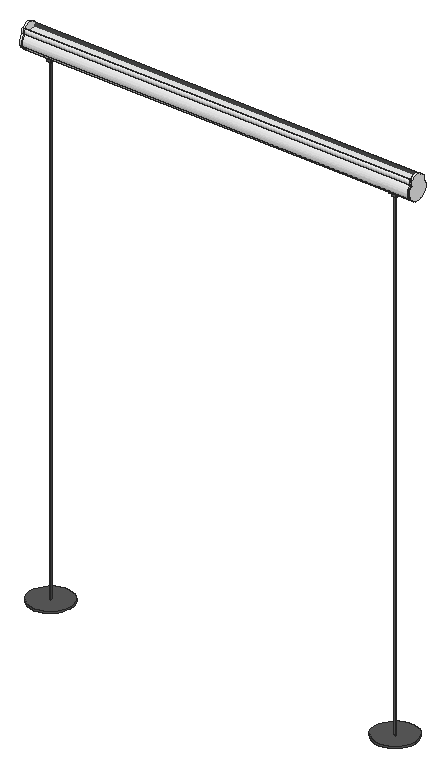
Revit family "676767", category Lighting Fixtures, host Face, Revit 2019
Family settings
  Host = Face
  Round Connector Dimension = Use Diameter
  Part Type = Normal
  OmniClass Number = 23.80.70.11
  OmniClass Title = Luminaries for Internal Lighting
  Cut with Voids When Loaded = No
  Light Source = Yes
  Shared = No
  Room Calculation Point = No
Parameters (values of type "Not a type - Load Type Catalog!")
  z_Start = Run : Start Fixture
  z_Standalone = Run : Standalone Fixture
  z_SM = Surface Mount : Surface Mount (SM)
  z_Right Cord [instance] = 2 > 1  # yes
  z_Middle = Run : Middle Fixture
  z_Mep Y Distance [instance] = if(z_CeilingM, 0' 0", 0' 3")  # 0' - 0"
  z_Light Position [instance] = if(not(Mounting Option = z_SM), [z_Cord/Rod Length Control] + 0' 2 81/256" + 0' 0 155/256", if(Mounting Option = z_SM, 0' 2 113/256" + 0' 0 39/64", 0' 2 81/256"))  # 5' - 2 59/64"
  z_Left Cord [instance] = or(Run Option = z_Standalone, Run Option = z_Start)  # yes
  z_End Mount Offset Control [instance] = if(or(Run Option = z_Start, Run Option = z_Standalone), 0' 0", if(Mounting Option = z_SM, 0' 0", if(End Mount Offset > Length / 2 - 0' 3", Length / 2 - 0' 3", End Mount Offset)))  # 0' - 0"
  z_End = Run : End Fixture
  z_Distance = 0' - 2 25/32"
  z_Cord/Rod Length Control [instance] = if(Mounting Option = z_SM, 0' 0 33/256", if(not(Field Specified Cable Length Override), [Max Cord/Rod Length], if([Cord/Rod Length] > [Max Cord/Rod Length], [Max Cord/Rod Length], if([Cord/Rod Length] < [Min Cord/Rod Length], [Min Cord/Rod Length], [Cord/Rod Length]))))  # 5' - 0"
  z_Connector Position [instance] = if(or(Run Option = z_Standalone, Run Option = z_Start), 0' 2 25/32", Length - 0' 2 25/32" - z_End Mount Offset Control)  # 0' - 2 25/32"
  z_Ceiling_SM [instance] = Mounting Option = z_SM  # no
  z_Ceiling_PM [instance] = not(Mounting Option = z_SM)  # yes
  z_CeilingM [instance] = yes
  z_Array No 01 [instance] = if(or(Run Option = z_Standalone, Run Option = z_Start, and([Emergency Circuit - End Fixture], Run Option = z_End)), 3, 2)  # 3
  z_AL10 = Aircraft Cable : with Loops 10' (AL10)
  z_AC10 = Aircraft Cable : with Canopy 10' (AC10)
  z_AC05 = Aircraft Cable : with Canopy 5' (AC05)
  Width = 0' - 2 1/2"  # constant formula
  Weight = if(Length = 8' 0", 14.00 lbf, if(Length = 4' 0", 8.00 lbf, 0.00 lbf))  # 8.00 lbf
  Wattage Comments = "Efficacy up to 145 lm/W"
  Wattage = 21.7391 W
  Voltage Range = "120-277V"
  built-in parameter 1150110 = 1 (stored number, unit not read)
  Voltage = 120 V
  URL = "https://starteklightingamerica.com/starlink/"
  Type Comments = "Linear Lighting Fixture"  # constant formula
  built-in parameter 1114217 = 1 (stored number, unit not read)
  Tilt Angle [instance] = 90.00°  # constant formula
  built-in parameter 1150109 = 1 (stored number, unit not read)
  built-in parameter 1150134 = (empty or 0)
  built-in parameter 1150113 = 1 (stored number, unit not read)
  Run Option [instance] = Run : Standalone Fixture
  Product data url = "https://www.bimobject.com/startek-lighting/product/starlink"
  Product Material [instance] = StarTek Lighting - Aluminum - Clear Anodized
  Product Guid = "349c8d54-e936-4ccc-8137-b093f57f5df9"
  Power Factor = 0.93
  Photometric Web File = "Generic Light Source Shown : Please download and link the IES file that best matches your fixture specification"
  Photometric Note = "Import IES files https://starteklightingamerica.com/"  # constant formula
  Phase = 1
  Output = ""
  Number of Poles = 3
  Mounting Option [instance] = Aircraft Cable : with Canopy 5' (AC05)
  Mount Finish Note [instance] = "Aircraft Cable mount can be ordered in white (ACW, ALW) or black (ACB, ALB)"  # constant formula
  Mount Finish [instance] = StarTek Lighting - Aluminum - Powder Coat Black
  Model = ""
  Min Cord/Rod Length [instance] = 0' - 1"  # constant formula
  Max Cord/Rod Length [instance] = if(Mounting Option = z_AC05, 5' 0", 10' 0")  # 5' - 0"
  Manufacturer = "StarTek Lighting"  # constant formula
  built-in parameter 1150105 = 238.73 (stored number, unit not read)
  Lumens = 3000 lm
  built-in parameter 1150115 = 1 (stored number, unit not read)
  built-in parameter 1150137 = (empty or 0)
  built-in parameter 1150139 = (empty or 0)
  Length = 4' - 0"
  built-in parameter 1150112 = 1 (stored number, unit not read)
  built-in parameter 1150114 = 1 (stored number, unit not read)
  Lamp = "LED"  # constant formula
  Keynote = "16500"  # constant formula
  Input Wattage = 0 W
  built-in parameter 1150132 = 2
  built-in parameter 1150102 = (empty or 0)
  built-in parameter 1150107 = 3000 (stored number, unit not read)
  built-in parameter 1150138 = (empty or 0)
  built-in parameter 1150106 = 2.3873 (stored number, unit not read)
  Height = 0' - 2 115/128"  # constant formula
  Frequency = 60 Hz
  Field Specified Cable Length Override [instance] = no
  End Mount Offset [instance] = 0' - 0"
  Emit from Rectangle Width [instance] = 0' - 2"  # constant formula
  Emit from Rectangle Length [instance] = Length - 0' 0 1/2"  # 3' - 11 1/2"
  Emit Shape Visible in Rendering = 2 < 1  # no
  Emergency Circuit - End Fixture [instance] = no
  Edition number = 1
  Distribution = ""
  Description = "StarLink"  # constant formula
  built-in parameter 1150104 = 12.821 (stored number, unit not read)
  Dimming Lamp Color Temperature Shift = <None>
  Default Elevation = 4' - 0"
  Cord/Rod Length [instance] = 5' - 0"
  Color Filter = 16777215
  Color [instance] = "Available options: Clear Anodize (CA), Black Anodize (BA), Powder Coat Other (PO)"  # constant formula
  CRI = "80"
  built-in parameter 1114218 = 1 (stored number, unit not read)
  built-in parameter 1150133 = 10 (stored number, unit not read)
  Assembly Code = "D5020200"
  Apparent Load = Input Wattage / (Number of Poles * Power Factor)  # 0 VA
Reference planes (in)
  plane 1 "Center (Front/Back)": y = 0
  plane 2: z = 0
  plane 3 "Center (Left/Right)": x = 0
  plane 4 "None": z = 60
  plane 5: x = -21.21875
  plane 6 "Light source": z = 62.92188
  plane 7 "Light Vertical": z = 60.49067
  plane 8 "Light Horizontal": y = 5.00837
  plane 9: z = 0.5
  plane 10: x = 21.21875
  plane 11: x = -21.75022
  plane 12: x = -20.68728
  plane 13: x = 20.68728
  plane 14: x = 21.75022
  plane 15: x = -22.2817
  plane 16: x = -20.1558
  plane 17: x = 20.1558
  plane 18: x = 22.2817
  plane 19: y = 0
  plane 20: x = -24
  plane 21: x = 24
  plane 22: x = 21.21875
  plane 23: x = -21.21875
Forms (in)
  Extrusion 1, solid, not visible
    sketch origin (0, 1.1511, -0.03147) x (1, 0, 0) y (0, 0, 1)
      loop
        line (-21.25022, 0.03147) -> (-21.25022, -0.03147) -> (-21.18728, -0.03147) -> (-21.18728, 0.03147) -> (-21.25022, 0.03147)
    from 1.1394 to 1.16281
  Extrusion 2, solid, material "StarTek Lighting - Aluminum - Clear Anodized" <- "Product Material", visible <- "z_Ceiling_SM"
    sketch origin (0, 0, 0) x (1, 0, 0) y (0, 1, 0)
      loop
        line (-22.2817, -0.75) -> (-21.37482, -0.75) -> (-21.37482, -1.5) -> (-21.06268, -1.5) -> (-21.06268, -0.75) -> (-20.1558, -0.75) -> (-20.1558, 0.75) -> (-21.06268, 0.75) -> (-21.06268, 1.5) -> (-21.37482, 1.5) -> (-21.37482, 0.75) -> (-22.2817, 0.75) -> (-22.2817, -0.75)
      loop
        line (20.1558, -0.75) -> (21.06268, -0.75) -> (21.06268, -1.5) -> (21.37482, -1.5) -> (21.37482, -0.75) -> (22.2817, -0.75) -> (22.2817, 0.75) -> (21.37482, 0.75) -> (21.37482, 1.5) -> (21.06268, 1.5) -> (21.06268, 0.75) -> (20.1558, 0.75) -> (20.1558, -0.75)
    from 0 to 0.125
Dimensions and locks (in)
  Extrusion 1 sketch curve to level to Extrusion 1 sketch curve = 0' - 0", 0' - 0.06295"
  "z_Light Position": plane 6 "Light source" to host face
  locked: plane 8 "Light Horizontal" to plane 1 "Center (Front/Back)" at 5.00837
  plane 11 to plane 5 to plane 12 = 0' - 0.53147" locked, 0' - 0.53147" locked
  plane 13 to plane 10 to plane 14 = 0' - 0.53147" locked, 0' - 0.53147" locked
  plane 15 to plane 5 to plane 16 = 0' - 1.06295" locked, 0' - 1.06295" locked
  plane 17 to plane 10 to plane 18 = 0' - 1.06295" locked, 0' - 1.06295" locked
  locked: plane 7 "Light Vertical" to plane 4 "None" at 0.49067
  "z_Mep Y Distance": plane 1 "Center (Front/Back)" to plane 19
  equal spacing: Extrusion 1, plane 19, Extrusion 1
  locked: Extrusion 1 to Extrusion 1 at 0.0234
  "z_Cord/Rod Length Control": plane 4 "None" to level
  Extrusion 1 to plane 19 to Extrusion 1 = 0' - 0 3/256" locked, 0' - 0 3/256" locked
  locked: plane 9 to level at 0.5
  equal spacing: plane 21, plane 3 "Center (Left/Right)", plane 20
  "Length": plane 21 to plane 20
  "z_Distance": plane 5 to plane 20
  "z_Distance": plane 10 to plane 21
  Extrusion 2 sketch curve to plane 5 to Extrusion 2 sketch curve = 0' - 0.15607" locked, 0' - 0.15607" locked  (x2)
  Extrusion 2 sketch curve to plane 1 "Center (Front/Back)" to Extrusion 2 sketch curve = 0' - 0 3/4" locked, 0' - 0 3/4" locked  (x3)
  Extrusion 2 sketch curve to plane 10 to Extrusion 2 sketch curve = 0' - 0.15607" locked, 0' - 0.15607" locked  (x2)
  Extrusion 2 sketch curve to Extrusion 2 sketch curve to plane 1 "Center (Front/Back)" to Extrusion 2 sketch curve to Extrusion 2 sketch curve = 0' - 0 3/4" locked, 0' - 0 3/4" locked, 0' - 0 3/4" locked, 0' - 0 3/4" locked
  "z_End Mount Offset Control": plane 22 to plane 10
  locked: nested 4 to plane 20 at 5
  "z_Connector Position": plane 20 to plane 23
  equal spacing: group 1, group 2, group 3  (x3)
  aligned and locked: plane 2 to host face
  aligned and locked: level to host face
  aligned and locked: imposter light to plane 6 "Light source"
  aligned and locked: plane 3 "Center (Left/Right)" to nested 3
  aligned and locked: plane 5 to nested 2
  aligned and locked: plane 15 to Extrusion 2 sketch curve
  aligned and locked: plane 16 to Extrusion 2 sketch curve
  aligned and locked: plane 17 to Extrusion 2 sketch curve
  aligned and locked: plane 18 to Extrusion 2 sketch curve
  aligned and locked: nested 1 to plane 22
  aligned and locked: plane 1 "Center (Front/Back)" to nested 4
  aligned and locked: plane 23 to nested 6
  aligned and locked: plane 1 "Center (Front/Back)" to nested 6
Automatic sketch dimensions
  host sketch curve to host sketch curve = 8' - 0"  (x2)
  Extrusion 1 sketch curve to plane 5 = 0' - 0.03147"
  plane 5 to Extrusion 1 sketch curve = 0' - 0.03147"
  Extrusion 2 sketch curve to Extrusion 2 sketch curve = 0' - 0 3/4"  (x2)
Nested families (in)
  nested 1: "Aircraft Cable" at (21.21875, 0, 0), visible <- "z_Right Cord", Cord length <- "z_Cord/Rod Length Control", type <- "Mounting Option", type "with Canopy 5' (AC05)"
    with Cord length control 5' - 0", Cord length 5' - 0"
  nested 2: "Aircraft Cable" at (-21.21875, 0, 0), visible <- "z_Left Cord", Cord length <- "z_Cord/Rod Length Control", type <- "Mounting Option", type "with Canopy 5' (AC05)"
    with Cord length control 5' - 0", Cord length 5' - 0"
  nested 3: "Run" at (-0.3935, 0, 60.49067), visible <- "z_CeilingM", type <- "Run Option", type "Standalone Fixture"
  nested 4: "Connection" at (-29, 0, 0), type "Connection"
  nested 5: "Connection" at (-25.10937, 0, 0), type "Connection"
  nested 6: "Connection" at (-21.21875, 0, 0), type "Connection"
Connectors (in)
  electrical at (-21.21875, 0, 0), driven by "Number of Poles", driven by "Voltage", driven by "Apparent Load", driven by "Apparent Load", driven by "Apparent Load", driven by "Power Factor"
    settings: on nested 6, index 2, voltage 120 V, apparent load 0 VA, apparent load phase1 0 VA, apparent load phase2 0 VA, apparent load phase3 0 VA, power factor 0.93, load classification "Other", number of poles 3, system type 31, power factor state 1, is connector primary yes, connector utility no, sub classification motor no, connector description "Connector for Electrical Power"
Definition of nested family "Aircraft Cable"
  Parameters (values of type "with Loops 10' (AL10)")
    Height = 0' - 0"
    Default Elevation = 4' - 0"
    Cord material = none
    MAX cord length = 10' - 0"
    Cord length control [instance] = if(Cord length < 0' 0 1/2", 0' 0 1/2", Cord length)  # 3' - 0"
    Cord length [instance] = 3' - 0"
    Canopy = no
  Types (4): name | MAX cord length | Canopy
    with Loops 10' (AL10) | 10' - 0" | no
    with Loops 5' (AL05) | 5' - 0" | no
    with Canopy 5' (AC05) | 5' - 0" | yes
    with Canopy 10' (AC10) | 10' - 0" | yes
  Reference planes (in)
    plane 1 "Center (Front/Back)": y = 0
    plane 2: z = 0
    plane 3 "Center (Left/Right)": x = 0
    plane 4 "canopy plane": z = 36
    plane 5: z = 35.5
  Forms (in)
    Extrusion 1, solid, material <- "Cord material", detail levels coarse
      sketch origin (0, 0, 0) x (1, 0, 0) y (0, 1, 0)
        loop
          circle (0, 0) r 0.09375
      from 0 to 36
    Extrusion 2, solid, material <- "Cord material", visible <- "Canopy"
      sketch origin (0, 0, 0.19141) x (-1, 0, 0) y (0, -1, 0)
        loop
          circle (0, 0) r 2.5
      from 0 to -0.19141
    Extrusion 3, solid, material <- "Cord material", visible <- "Canopy", not visible
      sketch origin (0, 0, 36) x (-1, 0, 0) y (0, -1, 0)
        loop
          circle (0, 0) r 2.5
      from 0 to -0.19141
    Extrusion 4, solid, material <- "Cord material", detail levels medium+fine
      sketch origin (0, 0, -24.00077) x (0, 1, 0) y (0, 0, 1)
        loop
          line (0.63439, 60.1251) -> (0.21668, 59.93913) -> (0.21668, 59.53202) -> (-0.21668, 59.53202) -> (-0.21668, 59.93913) -> (-0.63439, 60.1251) -> (-0.6471, 60.09656) -> (-0.24793, 59.91883) -> (-0.24793, 59.50077) -> (0.24793, 59.50077) -> (0.24793, 59.91883) -> (0.6471, 60.09656) -> (0.63439, 60.1251)
      from -0.2653 to 0.25
    Extrusion 5, solid, material <- "Cord material", detail levels medium+fine
      sketch origin (0, 0, 0) x (1, 0, 0) y (0, 1, 0)
        loop
          circle (0, 0) r 0.09375
      from 0 to 35.5
  Dimensions and locks (in)
    "Cord length control": plane 4 "canopy plane" to plane 2
    locked: plane 4 "canopy plane" to plane 5 at 0.5
    Extrusion 4 to plane 3 "Center (Left/Right)" to Extrusion 4 = 0' - 0.2653" locked, 0' - 0 1/4" locked
    aligned and locked: plane 2 to level
    aligned and locked: plane 4 "canopy plane" to Extrusion 1
    aligned and locked: Extrusion 2 to plane 2
    aligned and locked: plane 5 to Extrusion 5
    aligned and locked: Extrusion 5 to level
  Automatic sketch dimensions
    plane 1 "Center (Front/Back)" to Extrusion 1 sketch curve = 0' - 0"
    Extrusion 1 sketch curve to plane 3 "Center (Left/Right)" = 0' - 0"
    plane 1 "Center (Front/Back)" to Extrusion 5 sketch curve = 0' - 0"
    Extrusion 5 sketch curve to plane 3 "Center (Left/Right)" = 0' - 0"
    Extrusion 4 sketch curve to plane 5 = 0' - 0"
    plane 4 "canopy plane" to Extrusion 4 sketch curve = 0' - 0.09578"  (x2)
    plane 1 "Center (Front/Back)" to Extrusion 4 sketch curve = 0' - 0.6471"
    plane 4 "canopy plane" to Extrusion 4 sketch curve = 0' - 0.12433"  (x2)
    Extrusion 4 sketch curve to Extrusion 4 sketch curve = 0' - 0.01271"  (x2)
    Extrusion 4 sketch curve to plane 4 "canopy plane" = 0' - 0.08194"
    Extrusion 4 sketch curve to Extrusion 4 sketch curve = 0' - 0 1/32"  (x2)
    plane 5 to Extrusion 4 sketch curve = 0' - 0 1/32"
    Extrusion 4 sketch curve to plane 1 "Center (Front/Back)" = 0' - 0.21668"
    Extrusion 4 sketch curve to Extrusion 4 sketch curve = 0' - 0.38646"
    radius of Extrusion 1 sketch curve = 0' - 0 3/32"
    radius of Extrusion 2 sketch curve = 0' - 2 1/2"
    radius of Extrusion 3 sketch curve = 0' - 2 1/2"
    radius of Extrusion 5 sketch curve = 0' - 0 3/32"
Definition of nested family "Run"
  Parameters (values of type "End Fixture")
    Width = 0' - 2 1/2"  # constant formula
    Sleeve Cover = yes
    Right Cap = yes
    Length = 4' - 0"
    Left Cap = yes
    Lamp Finish = none
    Height = 0' - 2.9"  # constant formula
    Default Elevation = 4' - 0"
  Types (4): name | Sleeve Cover
    Standalone Fixture | no
    Start Fixture | no
    Middle Fixture | yes
    End Fixture | yes
  Reference planes (in)
    plane 1 "Center (Front/Back)": y = 0
    plane 2: z = 0
    plane 3 "Center (Left/Right)": x = 0.3935
    plane 4: z = -0.49163
    plane 5: x = -23.6065
    plane 6: x = 24.3935
    plane 7: y = 1.25
    plane 8: y = -1.25
    plane 9: y = 0.765
    plane 10: y = -0.765
    plane 11: z = -0.41967
    plane 12: z = -0.31671
    plane 13: z = -0.25371
    plane 14: z = 0.09039
    plane 15: z = 0.18379
    plane 16: x = -21.238
    plane 17: x = -20.1873
    plane 18: x = 22.025
    plane 19: x = 20.9743
    plane 20: x = 21.0677
    plane 21: x = -20.2807
    plane 22: x = -23.3565
    plane 23: x = 24.1435
    plane 24: z = 2.40837
    plane 25: x = -13.9455
    plane 26: x = -33.2675
    plane 27: x = 14.3935
    plane 28: x = 34.3935
  Forms (in)
    Extrusion 1, solid
      sketch origin (0, 0, 0) x (1, 0, 0) y (0, 1, 0)
        loop
          line (-48, 48) -> (-48, -48) -> (48, -48) -> (48, 48) -> (-48, 48)
      from 0 to -12
    Extrusion 2, solid, material <- "Lamp Finish", detail levels coarse
      sketch origin (0, 0, 0) x (1, 0, 0) y (0, 1, 0)
        loop
          line (24.3935, -1.25) -> (24.3935, 1.25) -> (-23.6065, 1.25) -> (-23.6065, -1.25) -> (24.3935, -1.25)
      from -0.49067 to 2.40837
    Extrusion 3, solid, material <- "Lamp Finish", visible <- "Right Cap", detail levels medium+fine
      sketch origin (0.3935, 0, 0) x (0, 1, 0) y (0, 0, 1)
        loop
          line (0.75562, 1.44887) -> (0.41436, 1.44887) -> (0.57221, 1.50933) -> (0.83474, 1.50933)
          arc (0.83474, 1.50933) -> (0.92664, 1.77037) -> (0.78248, 2.00659) r 0.32266
          arc (0.78248, 2.00659) -> (-0.01222, 2.4296) -> (-0.80691, 2.00659) r 0.95798
          arc (-0.80691, 2.00659) -> (-0.95107, 1.77037) -> (-0.85917, 1.50933) r 0.32266
          line (-0.85917, 1.50933) -> (-0.59664, 1.50933) -> (-0.43879, 1.44887) -> (-0.78005, 1.44887)
          arc (-0.78005, 1.44887) -> (-1.24005, 0.83105) -> (-1.03938, 0.0874) r 0.88216
          line (-1.03938, 0.0874) -> (-0.58066, -0.37638) -> (-0.33027, -0.37638) -> (-0.33027, -0.49067) -> (0.30584, -0.49067) -> (0.30584, -0.37638) -> (0.55117, -0.37638) -> (1.01495, 0.0874)
          arc (1.01495, 0.0874) -> (1.21562, 0.83105) -> (0.75562, 1.44887) r 0.88216
      from 23.75 to 24
    Extrusion 4, solid, material <- "Lamp Finish", visible <- "Left Cap", detail levels medium+fine
      sketch origin (0.3935, 0, 0) x (0, 1, 0) y (0, 0, -1)
        loop
          line (-0.76784, -1.44887) -> (-0.42658, -1.44887) -> (-0.58442, -1.50933) -> (-0.84696, -1.50933)
          arc (-0.84696, -1.50933) -> (-0.93885, -1.77037) -> (-0.79469, -2.00659) r 0.32266
          arc (-0.79469, -2.00659) -> (0, -2.4296) -> (0.79469, -2.00659) r 0.95798
          arc (0.79469, -2.00659) -> (0.93885, -1.77037) -> (0.84696, -1.50933) r 0.32266
          line (0.84696, -1.50933) -> (0.58442, -1.50933) -> (0.42658, -1.44887) -> (0.76784, -1.44887)
          arc (0.76784, -1.44887) -> (1.22783, -0.83105) -> (1.02717, -0.0874) r 0.88216
          line (1.02717, -0.0874) -> (0.56844, 0.37638) -> (0.31806, 0.37638) -> (0.31806, 0.49067) -> (-0.31806, 0.49067) -> (-0.31806, 0.37638) -> (-0.56339, 0.37638) -> (-1.02717, -0.0874)
          arc (-1.02717, -0.0874) -> (-1.22783, -0.83105) -> (-0.76784, -1.44887) r 0.88216
      from 23.75 to 24
    Sweep 5, solid, material <- "Lamp Finish", detail levels medium
      path origin (0, 0, 0) x (1, 0, 0) y (0, 1, 0)
        loop
          line (24.1435, 0) -> (-23.3565, 0)
      profile origin (0.3935, 0, 0) x (0, -1, 0) y (0, 0, 1)
        loop
          line (-0.29947, -0.49068) -> (0.29947, -0.49065) -> (0.2995, -0.41587) -> (0.09578, -0.41588) -> (0.09578, -0.36387) -> (0.57038, -0.36387)
          spline (0.57038, -0.36387) -> (0.71163, -0.24225) -> (0.84939, -0.10941) -> (0.97658, 0.03448) -> (1.0861, 0.18921) -> (1.17089, 0.35461) -> (1.22384, 0.53047) -> (1.23913, 0.71489) -> (1.21599, 0.89902) -> (1.1549, 1.0723) -> (1.05632, 1.22415) -> (0.92075, 1.34402) -> (0.74867, 1.42133)
          line (0.74867, 1.42133) -> (0.74867, 1.46174) -> (-0.74864, 1.46174) -> (-0.74864, 1.42133)
          spline (-0.74864, 1.42133) -> (-0.92073, 1.34402) -> (-1.05629, 1.22415) -> (-1.15487, 1.0723) -> (-1.21596, 0.89902) -> (-1.2391, 0.71489) -> (-1.22381, 0.53047) -> (-1.17086, 0.35461) -> (-1.08607, 0.18921) -> (-0.97655, 0.03448) -> (-0.84936, -0.10941) -> (-0.7116, -0.24225) -> (-0.57035, -0.36387)
          line (-0.57035, -0.36387) -> (-0.09575, -0.36387) -> (-0.09575, -0.41588) -> (-0.29944, -0.41587) -> (-0.29947, -0.49068)
    Sweep 6, solid, material <- "Lamp Finish", detail levels fine
      path origin (0, 0, 0) x (1, 0, 0) y (0, 1, 0)
        loop
          line (24.1435, 0) -> (-23.3565, 0)
      profile origin (0.3935, 0, 0) x (0, -1, 0) y (0, 0, 1)
        loop
          arc (-0.79469, 2.00659) -> (-0.93885, 1.77037) -> (-0.84696, 1.50933) r 0.32266
          line (-0.84696, 1.50933) -> (-0.58442, 1.50933) -> (-0.42658, 1.44887) -> (-0.76784, 1.44887)
          arc (-0.76784, 1.44887) -> (-1.22783, 0.83105) -> (-1.02717, 0.0874) r 0.88216
          line (-1.02717, 0.0874) -> (-0.56339, -0.37638) -> (-0.31806, -0.37638) -> (-0.31806, -0.49067) -> (0.31806, -0.49067) -> (0.31806, -0.37638) -> (0.56844, -0.37638) -> (1.02717, 0.0874)
          arc (1.02717, 0.0874) -> (1.22783, 0.83105) -> (0.76784, 1.44887) r 0.88216
          line (0.76784, 1.44887) -> (0.42658, 1.44887) -> (0.58442, 1.50933) -> (0.84696, 1.50933)
          arc (0.84696, 1.50933) -> (0.93885, 1.77037) -> (0.79469, 2.00659) r 0.32266
          line (0.79469, 2.00659) -> (0.79469, 1.9528) -> (0.64143, 1.9528) -> (0.64143, 1.80844) -> (0.76592, 1.80844) -> (0.76592, 1.68302) -> (-0.76592, 1.68302) -> (-0.76592, 1.80844) -> (-0.64143, 1.80844) -> (-0.64143, 1.9528) -> (-0.79469, 1.9528) -> (-0.79469, 2.00659)
    Sweep 7, solid, detail levels medium+fine
      path origin (0, 0, 0) x (1, 0, 0) y (0, 1, 0)
        loop
          line (24.1435, 0) -> (-23.3565, 0)
      profile origin (0.3935, 0, 0) x (0, -1, 0) y (0, 0, 1)
        loop
          arc (0.77773, 2.03096) -> (0, 2.4296) -> (-0.77773, 2.03096) r 0.95798
          line (-0.77773, 2.03096) -> (-0.77773, 1.9528) -> (-0.64143, 1.9528) -> (-0.64143, 1.80844) -> (-0.76592, 1.80844) -> (-0.76592, 1.74573) -> (0.76592, 1.74573) -> (0.76592, 1.80844) -> (0.64143, 1.80844) -> (0.64143, 1.9528) -> (0.77773, 1.9528) -> (0.77773, 2.03096)
    Extrusion 8, solid, material <- "Lamp Finish", not visible, detail levels medium+fine
      sketch origin (0.3935, 0, 0) x (0, 1, 0) y (0, 0, 1)
        loop
          arc (1.24342, 0.66599) -> (1.18759, 0.35715) -> (1.02717, 0.0874) r 0.88216
          line (1.02717, 0.0874) -> (0.56339, -0.37638) -> (0.31806, -0.37638) -> (0.31806, -0.49067) -> (-0.31806, -0.49067) -> (-0.31806, -0.37638) -> (-0.56844, -0.37638) -> (-1.02717, 0.0874)
          arc (-1.02717, 0.0874) -> (-1.18759, 0.35715) -> (-1.24342, 0.66599) r 0.88216
          line (-1.24342, 0.66599) -> (-1.27842, 0.66599)
          arc (-1.27842, 0.66599) -> (-1.22017, 0.34436) -> (-1.05284, 0.06358) r 0.91716
          line (-1.05284, 0.06358) -> (-0.58305, -0.41138) -> (-0.35306, -0.41138) -> (-0.35306, -0.52567) -> (0.35306, -0.52567) -> (0.35306, -0.41138) -> (0.57789, -0.41138) -> (1.05277, 0.06351)
          arc (1.05277, 0.06351) -> (1.22015, 0.34431) -> (1.27842, 0.66599) r 0.91716
          line (1.27842, 0.66599) -> (1.24342, 0.66599)
      from -33.661 to -14.339
    Extrusion 9, solid, material <- "Lamp Finish", visible <- "Sleeve Cover", detail levels medium+fine
      sketch origin (0.3935, 0, 0) x (0, 1, 0) y (0, 0, 1)
        loop
          arc (1.24342, 0.66599) -> (1.18759, 0.35715) -> (1.02717, 0.0874) r 0.88216
          line (1.02717, 0.0874) -> (0.56339, -0.37638) -> (0.31806, -0.37638) -> (0.31806, -0.49067) -> (-0.31806, -0.49067) -> (-0.31806, -0.37638) -> (-0.56844, -0.37638) -> (-1.02717, 0.0874)
          arc (-1.02717, 0.0874) -> (-1.18759, 0.35715) -> (-1.24342, 0.66599) r 0.88216
          line (-1.24342, 0.66599) -> (-1.27842, 0.66599)
          arc (-1.27842, 0.66599) -> (-1.22017, 0.34436) -> (-1.05284, 0.06358) r 0.91716
          line (-1.05284, 0.06358) -> (-0.58305, -0.41138) -> (-0.35306, -0.41138) -> (-0.35306, -0.52567) -> (0.35306, -0.52567) -> (0.35306, -0.41138) -> (0.57789, -0.41138) -> (1.05277, 0.06351)
          arc (1.05277, 0.06351) -> (1.22015, 0.34431) -> (1.27842, 0.66599) r 0.91716
          line (1.27842, 0.66599) -> (1.24342, 0.66599)
      from -33.661 to -14.339
  Lines and regions (in)
    Masking region 1
      outline origin (0, 0, 0) x (1, 0, 0) y (0, 1, 0)
        loop
          line (-23.3565, 1.25) -> (-23.3565, -1.25) -> (24.1435, -1.25) -> (24.1435, 1.25) -> (-23.3565, 1.25)
    Masking region 2, visible <- "Left Cap"
      outline origin (0, 0, 0) x (1, 0, 0) y (0, 1, 0)
        loop
          line (-23.6065, 1.25) -> (-23.6065, -1.25) -> (-23.3565, -1.25) -> (-23.3565, 1.25) -> (-23.6065, 1.25)
    Masking region 3, detail levels medium+fine
      outline origin (0, 0, 0) x (1, 0, 0) y (0, 1, 0)
        loop
          line (-23.3565, -0.74867) -> (24.1435, -0.74867) -> (24.1435, 0.76647) -> (-23.3565, 0.76647) -> (-23.3565, -0.74867)
    Masking region 4, detail levels fine
      outline origin (0, 0, 0) x (1, 0, 0) y (0, 1, 0)
        loop
          line (-23.3565, 0.94479) -> (-23.3565, 0.76647) -> (24.1435, 0.76647) -> (24.1435, 0.94479) -> (-23.3565, 0.94479)
        loop
          line (-23.3565, -0.94482) -> (24.1435, -0.94482) -> (24.1435, -0.74867) -> (-23.3565, -0.74867) -> (-23.3565, -0.94482)
    Masking region 5, visible <- "Right Cap"
      outline origin (0, 0, 0) x (1, 0, 0) y (0, 1, 0)
        loop
          line (24.1435, 1.25) -> (24.1435, -1.25) -> (24.3935, -1.25) -> (24.3935, 1.25) -> (24.1435, 1.25)
  Dimensions and locks (in)
    equal spacing: plane 5, plane 3 "Center (Left/Right)", plane 6
    plane 17 to plane 21 to plane 16 to plane 5 = 0' - 0.0934" locked, 0' - 0.9573" locked, 0' - 2.3685" locked
    plane 19 to plane 20 to plane 18 to plane 6 = 0' - 0.0934" locked, 0' - 0.9573" locked, 0' - 2.3685" locked
    locked: plane 5 to plane 22 at 0.25
    locked: plane 23 to plane 6 at 0.25
    equal spacing: plane 7, plane 1 "Center (Front/Back)", plane 8
    "Width": plane 7 to plane 8
    plane 11 to plane 12 to plane 13 to plane 2 to plane 14 to plane 15 = 0' - 0.10296" locked, 0' - 0.063" locked, 0' - 0.25371" locked, 0' - 0.09039" locked, 0' - 0.0934" locked
    "Height": plane 4 to plane 24
    locked: plane 4 to plane 11 at 0.07196
    plane 7 to plane 8 = 0' - 2 1/2"
    locked: plane 25 to plane 5 at 9.661
    locked: plane 5 to plane 26 at 9.661
    locked: plane 27 to plane 6 at 10
    locked: plane 6 to plane 28 at 10
    "Length": plane 5 to plane 6
    aligned and locked: plane 2 to Extrusion 1
    aligned and locked: level to Extrusion 1
    aligned and locked: Extrusion 2 to plane 5
    aligned and locked: Extrusion 2 to plane 24
    aligned and locked: Sweep 5 sketch curve to plane 1 "Center (Front/Back)"
    aligned and locked: plane 22 to Sweep 5 sketch curve
    aligned and locked: plane 23 to Sweep 5 sketch curve
    aligned and locked: Sweep 6 sketch curve to plane 1 "Center (Front/Back)"
    aligned and locked: plane 23 to Sweep 6 sketch curve
    aligned and locked: plane 22 to Sweep 6 sketch curve
    aligned and locked: Sweep 7 sketch curve to plane 1 "Center (Front/Back)"
    aligned and locked: plane 23 to Sweep 7 sketch curve
    aligned and locked: plane 22 to Sweep 7 sketch curve
    aligned and locked: Masking region 1 sketch curve to plane 7
    aligned and locked: plane 8 to Masking region 1 sketch curve
    aligned and locked: plane 5 to Masking region 2 sketch curve
    aligned and locked: plane 22 to Masking region 2 sketch curve
    aligned and locked: Masking region 2 sketch curve to plane 7
    aligned and locked: Masking region 3 sketch curve to plane 22
    aligned and locked: Masking region 3 sketch curve to plane 23
    aligned and locked: plane 22 to Masking region 4 sketch curve
    aligned and locked: Masking region 4 sketch curve to plane 23
    aligned and locked: plane 23 to Extrusion 3
    aligned and locked: plane 6 to Extrusion 3
    aligned and locked: Extrusion 4 to plane 22
    aligned and locked: Extrusion 4 to plane 5
    aligned and locked: plane 25 to Extrusion 8
    aligned and locked: Extrusion 8 to plane 26
    aligned and locked: plane 25 to Extrusion 9
    aligned and locked: Extrusion 9 to plane 26
    aligned and locked: Masking region 5 sketch curve to plane 6
    aligned and locked: Masking region 5 sketch curve to plane 23
    aligned and locked: plane 23 to Masking region 1 sketch curve
    aligned and locked: Masking region 1 sketch curve to plane 22
  Automatic sketch dimensions
    Extrusion 1 sketch curve to Extrusion 1 sketch curve = 8' - 0"  (x2)
    Extrusion 2 sketch curve to plane 5 = 0' - 0"
    Extrusion 2 sketch curve to plane 6 = 0' - 0"
    Extrusion 2 sketch curve to plane 8 = 0' - 0"
    Extrusion 2 sketch curve to plane 7 = 0' - 0"
    plane 14 to Extrusion 3 sketch curve = 0' - 0.003"  (x2)
    plane 8 to Extrusion 3 sketch curve = 0' - 0.21062"
    Extrusion 3 sketch curve to plane 10 = 0' - 0.09417"
    Extrusion 3 sketch curve to plane 10 = 0' - 0.01505"
    plane 10 to Extrusion 3 sketch curve = 0' - 0.13482"
    plane 10 to Extrusion 3 sketch curve = 0' - 0.16836"
    Extrusion 3 sketch curve to plane 11 = 0' - 0.04329"  (x2)
    plane 10 to Extrusion 3 sketch curve = 0' - 0.18434"
    Extrusion 3 sketch curve to Extrusion 3 sketch curve = 0' - 0.15785"  (x2)
    plane 1 "Center (Front/Back)" to Extrusion 3 sketch curve = 0' - 0.37347"
    Extrusion 3 sketch curve to Extrusion 3 sketch curve = 0' - 0.25039"
    plane 1 "Center (Front/Back)" to Extrusion 3 sketch curve = 0' - 0.01222"
    Extrusion 3 sketch curve to plane 4 = 0' - 0.00096"
    Extrusion 3 sketch curve to plane 1 "Center (Front/Back)" = 0' - 0.30584"
    Extrusion 3 sketch curve to plane 1 "Center (Front/Back)" = 0' - 0.34904"
    Extrusion 3 sketch curve to plane 9 = 0' - 0.35064"
    Extrusion 3 sketch curve to plane 9 = 0' - 0.21383"
    Extrusion 3 sketch curve to plane 9 = 0' - 0.15926"
    Extrusion 3 sketch curve to plane 9 = 0' - 0.00938"
    plane 9 to Extrusion 3 sketch curve = 0' - 0.06974"
    Extrusion 3 sketch curve to plane 7 = 0' - 0.23505"
    level to Extrusion 3 sketch curve = 0' - 0.66599"  (x2)
    Extrusion 3 sketch curve to Extrusion 3 sketch curve = 0' - 0.02275"
    Extrusion 3 sketch curve to Extrusion 3 sketch curve = 0' - 0.06046"  (x2)
    Extrusion 3 sketch curve to Extrusion 3 sketch curve = 0' - 0.22731"  (x2)
    Extrusion 3 sketch curve to plane 10 = 0' - 0.04191"
    Extrusion 4 sketch curve to plane 1 "Center (Front/Back)" = 0' - 0"
    Extrusion 4 sketch curve to plane 4 = 0' - 0.00096"
    plane 1 "Center (Front/Back)" to Extrusion 4 sketch curve = 0' - 0.31806"
    plane 1 "Center (Front/Back)" to Extrusion 4 sketch curve = 0' - 0.36125"
    plane 10 to Extrusion 4 sketch curve = 0' - 0.33842"
    Extrusion 4 sketch curve to plane 11 = 0' - 0.04329"  (x2)
    plane 10 to Extrusion 4 sketch curve = 0' - 0.20161"
    Extrusion 4 sketch curve to Extrusion 4 sketch curve = 0' - 0.15785"  (x2)
    plane 10 to Extrusion 4 sketch curve = 0' - 0.14704"
    Extrusion 4 sketch curve to plane 10 = 0' - 0.00284"
    Extrusion 4 sketch curve to plane 10 = 0' - 0.08196"
    plane 14 to Extrusion 4 sketch curve = 0' - 0.003"  (x2)
    plane 8 to Extrusion 4 sketch curve = 0' - 0.22283"
    Extrusion 4 sketch curve to plane 1 "Center (Front/Back)" = 0' - 0.31806"
    Extrusion 4 sketch curve to plane 1 "Center (Front/Back)" = 0' - 0.36125"
    Extrusion 4 sketch curve to plane 9 = 0' - 0.33842"
    Extrusion 4 sketch curve to plane 9 = 0' - 0.19656"
    Extrusion 4 sketch curve to plane 9 = 0' - 0.14704"
    plane 9 to Extrusion 4 sketch curve = 0' - 0.00284"
    plane 9 to Extrusion 4 sketch curve = 0' - 0.08196"
    Extrusion 4 sketch curve to plane 7 = 0' - 0.22283"
    level to Extrusion 4 sketch curve = 0' - 0.66599"  (x2)
    Extrusion 4 sketch curve to Extrusion 4 sketch curve = 0' - 0.02275"
    Extrusion 4 sketch curve to Extrusion 4 sketch curve = 0' - 0.06046"  (x2)
    Extrusion 4 sketch curve to Extrusion 4 sketch curve = 0' - 0.22731"  (x2)
    Extrusion 4 sketch curve to plane 10 = 0' - 0.02969"
    profile plane to Sweep 5 sketch curve = 0' - 0.74864"
    profile plane to Sweep 5 sketch curve = 0' - 0.57035"
    Sweep 5 sketch curve to Sweep 5 sketch curve = 0' - 0.27088"  (x2)
    Sweep 5 sketch curve to Sweep 5 sketch curve = 0' - 0.00003"  (x2)
    profile plane to Sweep 5 sketch curve = 0' - 0.09575"
    Sweep 5 sketch curve to profile plane = 0' - 0.09578"
    Sweep 5 sketch curve to Sweep 5 sketch curve = 0' - 0.20369"
    Sweep 5 sketch curve to profile plane = 0' - 0.74867"
    Sweep 5 sketch curve to level = 0' - 0.49068"
    Sweep 5 sketch curve to level = 0' - 0.49065"
    Sweep 5 sketch curve to Sweep 5 sketch curve = 0' - 0.07477"
    Sweep 5 sketch curve to Sweep 5 sketch curve = 0' - 0"
    Sweep 5 sketch curve to Sweep 5 sketch curve = 0' - 0.07482"
    Sweep 5 sketch curve to Sweep 5 sketch curve = 0' - 0.07479"
    Sweep 5 sketch curve to Sweep 5 sketch curve = 0' - 0.052"
    Sweep 5 sketch curve to Sweep 5 sketch curve = 0' - 0.05202"
    level to Sweep 5 sketch curve = 0' - 1.42133"  (x2)
    Sweep 5 sketch curve to Sweep 5 sketch curve = 0' - 0.04041"
    level to Sweep 6 sketch curve = 0' - 0.0874"  (x2)
    profile plane to Sweep 6 sketch curve = 0' - 1.02717"
    profile plane to Sweep 6 sketch curve = 0' - 0.84696"
    Sweep 6 sketch curve to Sweep 6 sketch curve = 0' - 0.05226"
    Sweep 6 sketch curve to Sweep 6 sketch curve = 0' - 0.07912"  (x2)
    Sweep 6 sketch curve to Sweep 6 sketch curve = 0' - 0.02877"  (x2)
    Sweep 6 sketch curve to Sweep 6 sketch curve = 0' - 0.15326"
    Sweep 6 sketch curve to Sweep 6 sketch curve = 0' - 0.02347"  (x2)
    Sweep 6 sketch curve to Sweep 6 sketch curve = 0' - 0.18341"  (x2)
    profile plane to Sweep 6 sketch curve = 0' - 0.56339"
    Sweep 6 sketch curve to Sweep 6 sketch curve = 0' - 0.15785"  (x2)
    profile plane to Sweep 6 sketch curve = 0' - 0.36125"
    Sweep 6 sketch curve to Sweep 6 sketch curve = 0' - 0.24534"
    Sweep 6 sketch curve to profile plane = 0' - 0.31806"
    Sweep 6 sketch curve to profile plane = 0' - 0.36125"
    Sweep 6 sketch curve to profile plane = 0' - 0.42658"
    Sweep 6 sketch curve to Sweep 6 sketch curve = 0' - 0.25039"
    Sweep 6 sketch curve to Sweep 6 sketch curve = 0' - 0.03354"
    Sweep 6 sketch curve to Sweep 6 sketch curve = 0' - 0.14796"
    Sweep 6 sketch curve to Sweep 6 sketch curve = 0' - 0.45872"
    Sweep 6 sketch curve to level = 0' - 0.37638"  (x2)
    Sweep 6 sketch curve to Sweep 6 sketch curve = 0' - 0.11429"
    level to Sweep 6 sketch curve = 0' - 0.66599"  (x2)
    Sweep 6 sketch curve to Sweep 6 sketch curve = 0' - 0.06046"  (x2)
    Sweep 6 sketch curve to Sweep 6 sketch curve = 0' - 0.17369"
    Sweep 6 sketch curve to Sweep 6 sketch curve = 0' - 0.05361"  (x2)
    Sweep 6 sketch curve to Sweep 6 sketch curve = 0' - 0.0718"
    Sweep 6 sketch curve to Sweep 6 sketch curve = 0' - 0.12542"
    Sweep 6 sketch curve to Sweep 6 sketch curve = 0' - 0.05379"
    Sweep 6 sketch curve to Sweep 6 sketch curve = 0' - 0.14436"
    Sweep 7 sketch curve to profile plane = 0' - 0"
    profile plane to Sweep 7 sketch curve = 0' - 0.64143"
    Sweep 7 sketch curve to Sweep 7 sketch curve = 0' - 0.12449"  (x2)
    Sweep 7 sketch curve to Sweep 7 sketch curve = 0' - 0.1363"  (x2)
    Sweep 7 sketch curve to profile plane = 0' - 0.64143"
    level to Sweep 7 sketch curve = 0' - 1.47162"
    Sweep 7 sketch curve to Sweep 7 sketch curve = 0' - 0.27412"
    Sweep 7 sketch curve to Sweep 7 sketch curve = 0' - 0.06271"  (x2)
    Sweep 7 sketch curve to Sweep 7 sketch curve = 0' - 0.14436"  (x2)
    Sweep 7 sketch curve to Sweep 7 sketch curve = 0' - 0.07816"
    Masking region 2 sketch curve to plane 8 = 0' - 0"
    plane 10 to Masking region 3 sketch curve = 0' - 0.01633"
    plane 9 to Masking region 3 sketch curve = 0' - 0.00147"
    Masking region 4 sketch curve to plane 22 = 0' - 0"
    Masking region 4 sketch curve to plane 23 = 0' - 0"
    Masking region 4 sketch curve to plane 10 = 0' - 0.17982"
    plane 10 to Masking region 4 sketch curve = 0' - 0.01633"
    plane 9 to Masking region 4 sketch curve = 0' - 0.00147"
    Masking region 4 sketch curve to Masking region 4 sketch curve = 0' - 0.17832"
    Extrusion 8 sketch curve to Extrusion 8 sketch curve = 0' - 0"  (x4)
    Extrusion 8 sketch curve to plane 8 = 0' - 0.02842"
    plane 8 to Extrusion 8 sketch curve = 0' - 0.00658"
    plane 14 to Extrusion 8 sketch curve = 0' - 0.02681"
    plane 8 to Extrusion 8 sketch curve = 0' - 0.19716"
    plane 14 to Extrusion 8 sketch curve = 0' - 0.003"  (x2)
    Extrusion 8 sketch curve to Extrusion 8 sketch curve = 0' - 0.02567"
    Extrusion 8 sketch curve to plane 11 = 0' - 0.00829"  (x2)
    plane 10 to Extrusion 8 sketch curve = 0' - 0.18195"
    Extrusion 8 sketch curve to plane 11 = 0' - 0.04329"  (x2)
    Extrusion 8 sketch curve to Extrusion 8 sketch curve = 0' - 0.01461"
    Extrusion 8 sketch curve to Extrusion 8 sketch curve = 0' - 0.21539"
    Extrusion 8 sketch curve to plane 4 = 0' - 0.00096"
    Extrusion 8 sketch curve to Extrusion 8 sketch curve = 0' - 0.035"  (x2)
    Extrusion 8 sketch curve to plane 1 "Center (Front/Back)" = 0' - 0.31806"
    Extrusion 8 sketch curve to plane 1 "Center (Front/Back)" = 0' - 0.36125"
    Extrusion 8 sketch curve to plane 9 = 0' - 0.20161"
    Extrusion 8 sketch curve to Extrusion 8 sketch curve = 0' - 0.0145"
    Extrusion 8 sketch curve to plane 7 = 0' - 0.22283"
    plane 14 to Extrusion 8 sketch curve = 0' - 0.02689"
    Extrusion 8 sketch curve to Extrusion 8 sketch curve = 0' - 0.02561"
    Extrusion 8 sketch curve to plane 7 = 0' - 0.00658"
    plane 4 to Extrusion 8 sketch curve = 0' - 0.03404"
    Extrusion 9 sketch curve to Extrusion 9 sketch curve = 0' - 0"  (x4)
    Extrusion 9 sketch curve to plane 8 = 0' - 0.02842"
    plane 8 to Extrusion 9 sketch curve = 0' - 0.00658"
    plane 14 to Extrusion 9 sketch curve = 0' - 0.02681"
    plane 8 to Extrusion 9 sketch curve = 0' - 0.19716"
    plane 14 to Extrusion 9 sketch curve = 0' - 0.003"  (x2)
    Extrusion 9 sketch curve to Extrusion 9 sketch curve = 0' - 0.02567"
    Extrusion 9 sketch curve to plane 11 = 0' - 0.00829"  (x2)
    plane 10 to Extrusion 9 sketch curve = 0' - 0.18195"
    Extrusion 9 sketch curve to plane 11 = 0' - 0.04329"  (x2)
    Extrusion 9 sketch curve to Extrusion 9 sketch curve = 0' - 0.01461"
    Extrusion 9 sketch curve to Extrusion 9 sketch curve = 0' - 0.21539"
    Extrusion 9 sketch curve to plane 4 = 0' - 0.00096"
    Extrusion 9 sketch curve to Extrusion 9 sketch curve = 0' - 0.035"  (x2)
    Extrusion 9 sketch curve to plane 1 "Center (Front/Back)" = 0' - 0.31806"
    Extrusion 9 sketch curve to plane 1 "Center (Front/Back)" = 0' - 0.36125"
    Extrusion 9 sketch curve to plane 9 = 0' - 0.20161"
    Extrusion 9 sketch curve to Extrusion 9 sketch curve = 0' - 0.0145"
    Extrusion 9 sketch curve to plane 7 = 0' - 0.22283"
    plane 14 to Extrusion 9 sketch curve = 0' - 0.02689"
    Extrusion 9 sketch curve to Extrusion 9 sketch curve = 0' - 0.02561"
    Extrusion 9 sketch curve to plane 7 = 0' - 0.00658"
    plane 4 to Extrusion 9 sketch curve = 0' - 0.03404"
    Masking region 5 sketch curve to plane 7 = 0' - 0"
    Masking region 5 sketch curve to plane 8 = 0' - 0"
Definition of nested family "Connection"
  Parameters (values of type "Connection")
    Default Elevation = 4' - 0"
  Reference planes (in)
    plane 1 "Center (Front/Back)": y = 0
    plane 2: z = 0
    plane 3 "Center (Left/Right)": x = 0
  Forms (in)
    Extrusion 1, solid
      sketch origin (0, 0, 0) x (1, 0, 0) y (0, 1, 0)
        loop
          line (-48, 48) -> (-48, -48) -> (48, -48) -> (48, 48) -> (-48, 48)
      from 0 to -12
    Extrusion 2, solid, not visible
      sketch origin (0, 0, 0) x (1, 0, 0) y (0, 1, 0)
        loop
          circle (0, 0) r 0.7874
      from 0 to -0.45531
  Dimensions and locks (in)
    aligned and locked: plane 2 to Extrusion 1
    aligned and locked: level to Extrusion 1
